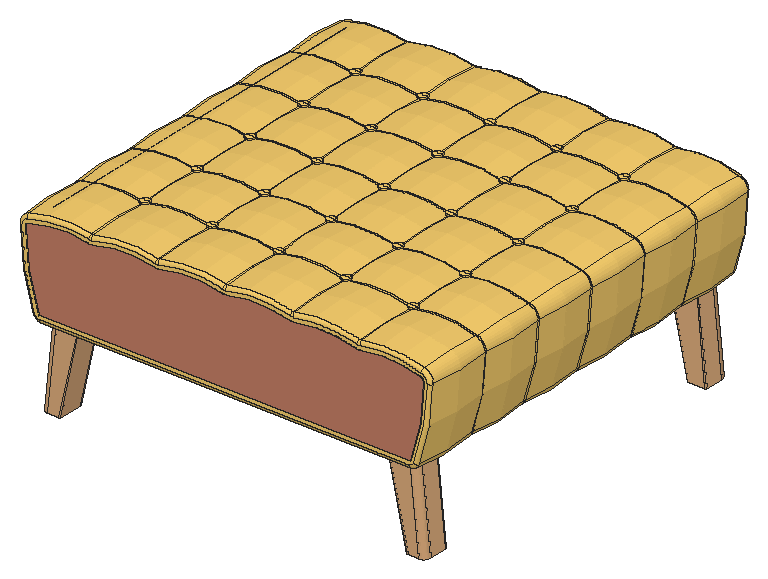
Revit family "Chair-GR8-Multi_Purpose-Allermuir-Grainger", category Furniture, Revit 2012 (continued)
Definition of nested family "GR-8"
  Automatic sketch dimensions
    Revolve 14 sketch curve to plane 4 = 0.13905"
    plane 23 to Revolve 15 sketch curve = 0.01811"
    Revolve 15 sketch curve to Revolve 15 sketch curve = 0"  (x4)
    plane 23 to Revolve 15 sketch curve = 0.02065"
    plane 23 to Revolve 15 sketch curve = 0.03002"
    Revolve 15 sketch curve to Revolve 15 sketch curve = 0.1617"
    Revolve 15 sketch curve to Revolve 15 sketch curve = 0.00604"
    Revolve 15 sketch curve to Revolve 15 sketch curve = 0.03037"
    plane 23 to Revolve 15 sketch curve = 0.30955"
    plane 23 to Revolve 15 sketch curve = 0.35498"
    Revolve 15 sketch curve to Revolve 15 sketch curve = 0.18472"
    Revolve 15 sketch curve to plane 4 = 0.69795"
    Revolve 15 sketch curve to Revolve 15 sketch curve = 0.16024"
    Revolve 15 sketch curve to Revolve 15 sketch curve = 0.16055"
    Revolve 15 sketch curve to plane 4 = 0.13905"
    plane 25 to Revolve 16 sketch curve = 0.01811"
    Revolve 16 sketch curve to Revolve 16 sketch curve = 0"  (x4)
    plane 25 to Revolve 16 sketch curve = 0.02065"
    plane 25 to Revolve 16 sketch curve = 0.03002"
    Revolve 16 sketch curve to Revolve 16 sketch curve = 0.1617"
    Revolve 16 sketch curve to Revolve 16 sketch curve = 0.00604"
    Revolve 16 sketch curve to Revolve 16 sketch curve = 0.03037"
    plane 25 to Revolve 16 sketch curve = 0.30955"
    plane 25 to Revolve 16 sketch curve = 0.35498"
    Revolve 16 sketch curve to Revolve 16 sketch curve = 0.18472"
    Revolve 16 sketch curve to plane 4 = 0.69795"
    Revolve 16 sketch curve to Revolve 16 sketch curve = 0.16024"
    Revolve 16 sketch curve to Revolve 16 sketch curve = 0.16055"
    Revolve 16 sketch curve to plane 4 = 0.13905"
    plane 27 to Revolve 17 sketch curve = 0.01811"
    Revolve 17 sketch curve to Revolve 17 sketch curve = 0"  (x4)
    plane 27 to Revolve 17 sketch curve = 0.02065"
    plane 27 to Revolve 17 sketch curve = 0.03002"
    Revolve 17 sketch curve to Revolve 17 sketch curve = 0.1617"
    Revolve 17 sketch curve to Revolve 17 sketch curve = 0.00604"
    Revolve 17 sketch curve to Revolve 17 sketch curve = 0.03037"
    Revolve 17 sketch curve to plane 3 "Center (Left/Right)" = 0.09377"
    Revolve 17 sketch curve to plane 3 "Center (Left/Right)" = 0.04835"
    plane 3 "Center (Left/Right)" to Revolve 17 sketch curve = 0.00015"
    Revolve 17 sketch curve to plane 4 = 0.69795"
    Revolve 17 sketch curve to Revolve 17 sketch curve = 0.16024"
    Revolve 17 sketch curve to Revolve 17 sketch curve = 0.16055"
    Revolve 17 sketch curve to plane 4 = 0.13905"
    plane 29 to Revolve 18 sketch curve = 0.01811"
    Revolve 18 sketch curve to Revolve 18 sketch curve = 0"  (x4)
    plane 29 to Revolve 18 sketch curve = 0.02065"
    plane 29 to Revolve 18 sketch curve = 0.03002"
    Revolve 18 sketch curve to Revolve 18 sketch curve = 0.1617"
    Revolve 18 sketch curve to Revolve 18 sketch curve = 0.00604"
    Revolve 18 sketch curve to Revolve 18 sketch curve = 0.03037"
    plane 29 to Revolve 18 sketch curve = 0.30955"
    plane 29 to Revolve 18 sketch curve = 0.35498"
    Revolve 18 sketch curve to Revolve 18 sketch curve = 0.18472"
    plane 4 to Revolve 18 sketch curve = 0.80705"
    Revolve 18 sketch curve to plane 4 = 0.12948"
    Revolve 18 sketch curve to Revolve 18 sketch curve = 0.25433"
    Revolve 18 sketch curve to Revolve 18 sketch curve = 0.16055"
    plane 31 to Revolve 19 sketch curve = 0.01811"
    Revolve 19 sketch curve to Revolve 19 sketch curve = 0"  (x4)
    plane 31 to Revolve 19 sketch curve = 0.02065"
    plane 31 to Revolve 19 sketch curve = 0.03002"
    Revolve 19 sketch curve to Revolve 19 sketch curve = 0.1617"
    Revolve 19 sketch curve to Revolve 19 sketch curve = 0.00604"
    Revolve 19 sketch curve to Revolve 19 sketch curve = 0.03037"
    plane 31 to Revolve 19 sketch curve = 0.30955"
    plane 31 to Revolve 19 sketch curve = 0.35498"
    Revolve 19 sketch curve to Revolve 19 sketch curve = 0.18472"
    plane 4 to Revolve 19 sketch curve = 0.80705"
    Revolve 19 sketch curve to plane 4 = 0.12948"
    Revolve 19 sketch curve to Revolve 19 sketch curve = 0.25433"
    Revolve 19 sketch curve to Revolve 19 sketch curve = 0.16055"
    plane 33 to Revolve 20 sketch curve = 0.01811"
    Revolve 20 sketch curve to Revolve 20 sketch curve = 0"  (x4)
    plane 33 to Revolve 20 sketch curve = 0.02065"
    plane 33 to Revolve 20 sketch curve = 0.03002"
    Revolve 20 sketch curve to Revolve 20 sketch curve = 0.1617"
    Revolve 20 sketch curve to Revolve 20 sketch curve = 0.00604"
    Revolve 20 sketch curve to Revolve 20 sketch curve = 0.03037"
    plane 33 to Revolve 20 sketch curve = 0.30955"
    plane 33 to Revolve 20 sketch curve = 0.35498"
    Revolve 20 sketch curve to Revolve 20 sketch curve = 0.18472"
    plane 4 to Revolve 20 sketch curve = 0.80705"
    Revolve 20 sketch curve to plane 4 = 0.12948"
    Revolve 20 sketch curve to Revolve 20 sketch curve = 0.25433"
    Revolve 20 sketch curve to Revolve 20 sketch curve = 0.16055"
    plane 35 to Revolve 21 sketch curve = 0.01811"
    Revolve 21 sketch curve to Revolve 21 sketch curve = 0"  (x4)
    plane 35 to Revolve 21 sketch curve = 0.02065"
    plane 35 to Revolve 21 sketch curve = 0.03002"
    Revolve 21 sketch curve to Revolve 21 sketch curve = 0.1617"
    Revolve 21 sketch curve to Revolve 21 sketch curve = 0.00604"
    Revolve 21 sketch curve to Revolve 21 sketch curve = 0.03037"
    plane 35 to Revolve 21 sketch curve = 0.30955"
    plane 35 to Revolve 21 sketch curve = 0.35498"
    Revolve 21 sketch curve to Revolve 21 sketch curve = 0.18472"
    plane 4 to Revolve 21 sketch curve = 0.80705"
    Revolve 21 sketch curve to plane 4 = 0.12948"
    Revolve 21 sketch curve to Revolve 21 sketch curve = 0.25433"
    Revolve 21 sketch curve to Revolve 21 sketch curve = 0.16055"
    plane 37 to Revolve 22 sketch curve = 0.01811"
    Revolve 22 sketch curve to Revolve 22 sketch curve = 0"  (x4)
    plane 37 to Revolve 22 sketch curve = 0.02065"
    plane 37 to Revolve 22 sketch curve = 0.03002"
    Revolve 22 sketch curve to Revolve 22 sketch curve = 0.1617"
    Revolve 22 sketch curve to Revolve 22 sketch curve = 0.00604"
    Revolve 22 sketch curve to Revolve 22 sketch curve = 0.03037"
    plane 37 to Revolve 22 sketch curve = 0.30955"
    plane 37 to Revolve 22 sketch curve = 0.35498"
    Revolve 22 sketch curve to Revolve 22 sketch curve = 0.18472"
    plane 4 to Revolve 22 sketch curve = 0.80705"
    Revolve 22 sketch curve to plane 4 = 0.12948"
    Revolve 22 sketch curve to Revolve 22 sketch curve = 0.25433"
    Revolve 22 sketch curve to Revolve 22 sketch curve = 0.16055"
    plane 39 to Revolve 23 sketch curve = 0.01811"
    Revolve 23 sketch curve to Revolve 23 sketch curve = 0"  (x4)
    plane 39 to Revolve 23 sketch curve = 0.02065"
    plane 39 to Revolve 23 sketch curve = 0.03002"
    Revolve 23 sketch curve to Revolve 23 sketch curve = 0.1617"
    Revolve 23 sketch curve to Revolve 23 sketch curve = 0.00604"
    Revolve 23 sketch curve to Revolve 23 sketch curve = 0.03037"
    plane 39 to Revolve 23 sketch curve = 0.30955"
    plane 39 to Revolve 23 sketch curve = 0.35498"
    Revolve 23 sketch curve to Revolve 23 sketch curve = 0.18472"
    plane 4 to Revolve 23 sketch curve = 0.98674"
    plane 4 to Revolve 23 sketch curve = 0.0502"
    Revolve 23 sketch curve to Revolve 23 sketch curve = 0.25433"
    Revolve 23 sketch curve to Revolve 23 sketch curve = 0.16055"
    plane 41 to Revolve 24 sketch curve = 0.01811"
    Revolve 24 sketch curve to Revolve 24 sketch curve = 0"  (x4)
    plane 41 to Revolve 24 sketch curve = 0.02065"
    plane 41 to Revolve 24 sketch curve = 0.03002"
    Revolve 24 sketch curve to Revolve 24 sketch curve = 0.1617"
    Revolve 24 sketch curve to Revolve 24 sketch curve = 0.00604"
    Revolve 24 sketch curve to Revolve 24 sketch curve = 0.03037"
    plane 41 to Revolve 24 sketch curve = 0.30955"
    plane 41 to Revolve 24 sketch curve = 0.35498"
    Revolve 24 sketch curve to Revolve 24 sketch curve = 0.18472"
    plane 4 to Revolve 24 sketch curve = 0.98674"
    plane 4 to Revolve 24 sketch curve = 0.0502"
    Revolve 24 sketch curve to Revolve 24 sketch curve = 0.25433"
    Revolve 24 sketch curve to Revolve 24 sketch curve = 0.16055"
    plane 43 to Revolve 25 sketch curve = 0.01811"
    Revolve 25 sketch curve to Revolve 25 sketch curve = 0"  (x4)
    plane 43 to Revolve 25 sketch curve = 0.02065"
    plane 43 to Revolve 25 sketch curve = 0.03002"
    Revolve 25 sketch curve to Revolve 25 sketch curve = 0.1617"
    Revolve 25 sketch curve to Revolve 25 sketch curve = 0.00604"
    Revolve 25 sketch curve to Revolve 25 sketch curve = 0.03037"
    plane 43 to Revolve 25 sketch curve = 0.30955"
    plane 43 to Revolve 25 sketch curve = 0.35498"
    Revolve 25 sketch curve to Revolve 25 sketch curve = 0.18472"
    plane 4 to Revolve 25 sketch curve = 0.98674"
    plane 4 to Revolve 25 sketch curve = 0.0502"
    Revolve 25 sketch curve to Revolve 25 sketch curve = 0.25433"
    Revolve 25 sketch curve to Revolve 25 sketch curve = 0.16055"
    plane 45 to Revolve 26 sketch curve = 0.01811"
    Revolve 26 sketch curve to Revolve 26 sketch curve = 0"  (x4)
    plane 45 to Revolve 26 sketch curve = 0.02065"
    plane 45 to Revolve 26 sketch curve = 0.03002"
    Revolve 26 sketch curve to Revolve 26 sketch curve = 0.1617"
    Revolve 26 sketch curve to Revolve 26 sketch curve = 0.00604"
    Revolve 26 sketch curve to Revolve 26 sketch curve = 0.03037"
    plane 45 to Revolve 26 sketch curve = 0.30955"
    plane 45 to Revolve 26 sketch curve = 0.35498"
    Revolve 26 sketch curve to Revolve 26 sketch curve = 0.18472"
    plane 4 to Revolve 26 sketch curve = 0.98674"
    plane 4 to Revolve 26 sketch curve = 0.0502"
    Revolve 26 sketch curve to Revolve 26 sketch curve = 0.25433"
    Revolve 26 sketch curve to Revolve 26 sketch curve = 0.16055"
    plane 47 to Revolve 27 sketch curve = 0.01811"
    Revolve 27 sketch curve to Revolve 27 sketch curve = 0"  (x4)
    plane 47 to Revolve 27 sketch curve = 0.02065"
    plane 47 to Revolve 27 sketch curve = 0.03002"
    Revolve 27 sketch curve to Revolve 27 sketch curve = 0.1617"
    Revolve 27 sketch curve to Revolve 27 sketch curve = 0.00604"
    Revolve 27 sketch curve to Revolve 27 sketch curve = 0.03037"
    plane 47 to Revolve 27 sketch curve = 0.30955"
    plane 47 to Revolve 27 sketch curve = 0.35498"
    Revolve 27 sketch curve to Revolve 27 sketch curve = 0.18472"
    plane 4 to Revolve 27 sketch curve = 0.98674"
    plane 4 to Revolve 27 sketch curve = 0.0502"
    Revolve 27 sketch curve to Revolve 27 sketch curve = 0.25433"
    Revolve 27 sketch curve to Revolve 27 sketch curve = 0.16055"
    plane 49 to Revolve 28 sketch curve = 0.01811"
    Revolve 28 sketch curve to Revolve 28 sketch curve = 0"  (x4)
    plane 49 to Revolve 28 sketch curve = 0.02065"
    plane 49 to Revolve 28 sketch curve = 0.03002"
    Revolve 28 sketch curve to Revolve 28 sketch curve = 0.1617"
    Revolve 28 sketch curve to Revolve 28 sketch curve = 0.00604"
    Revolve 28 sketch curve to Revolve 28 sketch curve = 0.03037"
    Revolve 28 sketch curve to plane 3 "Center (Left/Right)" = 0.09377"
    Revolve 28 sketch curve to plane 3 "Center (Left/Right)" = 0.04835"
    plane 3 "Center (Left/Right)" to Revolve 28 sketch curve = 0.00015"
    Revolve 28 sketch curve to plane 4 = 0.69795"
    Revolve 28 sketch curve to Revolve 28 sketch curve = 0.16024"
    Revolve 28 sketch curve to Revolve 28 sketch curve = 0.16055"
    Revolve 28 sketch curve to plane 4 = 0.13905"
    plane 51 to Revolve 29 sketch curve = 0.01811"
    Revolve 29 sketch curve to Revolve 29 sketch curve = 0"  (x4)
    plane 51 to Revolve 29 sketch curve = 0.02065"
    plane 51 to Revolve 29 sketch curve = 0.03002"
    Revolve 29 sketch curve to Revolve 29 sketch curve = 0.1617"
    Revolve 29 sketch curve to Revolve 29 sketch curve = 0.00604"
    Revolve 29 sketch curve to Revolve 29 sketch curve = 0.03037"
    Revolve 29 sketch curve to plane 3 "Center (Left/Right)" = 0.09377"
    Revolve 29 sketch curve to plane 3 "Center (Left/Right)" = 0.04835"
    plane 3 "Center (Left/Right)" to Revolve 29 sketch curve = 0.00015"
    Revolve 29 sketch curve to plane 4 = 0.69795"
    Revolve 29 sketch curve to Revolve 29 sketch curve = 0.16024"
    Revolve 29 sketch curve to Revolve 29 sketch curve = 0.16055"
    Revolve 29 sketch curve to plane 4 = 0.13905"
    plane 53 to Revolve 30 sketch curve = 0.01811"
    Revolve 30 sketch curve to Revolve 30 sketch curve = 0"  (x4)
    plane 53 to Revolve 30 sketch curve = 0.02065"
    plane 53 to Revolve 30 sketch curve = 0.03002"
    Revolve 30 sketch curve to Revolve 30 sketch curve = 0.1617"
    Revolve 30 sketch curve to Revolve 30 sketch curve = 0.00604"
    Revolve 30 sketch curve to Revolve 30 sketch curve = 0.03037"
    Revolve 30 sketch curve to plane 3 "Center (Left/Right)" = 0.09377"
    Revolve 30 sketch curve to plane 3 "Center (Left/Right)" = 0.04835"
    plane 3 "Center (Left/Right)" to Revolve 30 sketch curve = 0.00015"
    Revolve 30 sketch curve to plane 4 = 0.69795"
    Revolve 30 sketch curve to Revolve 30 sketch curve = 0.16024"
    Revolve 30 sketch curve to Revolve 30 sketch curve = 0.16055"
    Revolve 30 sketch curve to plane 4 = 0.13905"
    plane 55 to Revolve 31 sketch curve = 0.01811"
    Revolve 31 sketch curve to Revolve 31 sketch curve = 0"  (x4)
    plane 55 to Revolve 31 sketch curve = 0.02065"
    plane 55 to Revolve 31 sketch curve = 0.03002"
    Revolve 31 sketch curve to Revolve 31 sketch curve = 0.1617"
    Revolve 31 sketch curve to Revolve 31 sketch curve = 0.00604"
    Revolve 31 sketch curve to Revolve 31 sketch curve = 0.03037"
    Revolve 31 sketch curve to plane 3 "Center (Left/Right)" = 0.09377"
    Revolve 31 sketch curve to plane 3 "Center (Left/Right)" = 0.04835"
    plane 3 "Center (Left/Right)" to Revolve 31 sketch curve = 0.00015"
    Revolve 31 sketch curve to plane 4 = 0.69795"
    Revolve 31 sketch curve to Revolve 31 sketch curve = 0.16024"
    Revolve 31 sketch curve to Revolve 31 sketch curve = 0.16055"
    Revolve 31 sketch curve to plane 4 = 0.13905"
    Sweep 1 sketch curve to Sweep 1 sketch curve = 5.31287"
    level to Sweep 1 sketch curve = 5.40743"
    Sweep 1 sketch curve to Sweep 1 sketch curve = 0.27112"
    Extrusion 2 sketch curve to Extrusion 2 sketch curve = 5.20441"
    level to Extrusion 2 sketch curve = 5.40743"
    level to Sweep 1 sketch curve = 5.45159"
    Sweep 1 sketch curve to Sweep 1 sketch curve = 2.1335"
    Sweep 1 sketch curve to plane 4 = 1.66226"
    Sweep 1 sketch curve to Sweep 1 sketch curve = 5.21777"
    level to Extrusion 2 sketch curve = 5.45159"
    Extrusion 2 sketch curve to Extrusion 2 sketch curve = 2.1335"
    Extrusion 2 sketch curve to plane 4 = 1.66226"
    plane 58 to Blend 3 sketch curve = 1.4005"
    Blend 3 sketch curve to Blend 3 sketch curve = 0.07833"
    Blend 3 sketch curve to Blend 3 sketch curve = 0.58357"
    Blend 3 sketch curve to Blend 3 sketch curve = 0.97572"
    Blend 3 sketch curve to Blend 3 sketch curve = 1.48352"
    Blend 3 sketch curve to Blend 3 sketch curve = 0.0778"
    Blend 3 sketch curve to plane 5 = 0.97323"  (x2)
    Blend 3 sketch curve to Blend 3 sketch curve = 1.69792"
    plane 58 to Blend 3 sketch curve = 2.15943"
    Blend 3 sketch curve to Blend 3 sketch curve = 0.07824"
    Blend 3 sketch curve to Blend 3 sketch curve = 0.57358"
    Blend 3 sketch curve to Blend 3 sketch curve = 1.96534"
    Blend 3 sketch curve to Blend 3 sketch curve = 0.00185"
    Blend 3 sketch curve to Blend 3 sketch curve = 0.07682"
    Blend 3 sketch curve to Blend 3 sketch curve = 1.70801"
    Blend 4 sketch curve to plane 57 = 1.4005"
    Blend 4 sketch curve to Blend 4 sketch curve = 0.07833"
    Blend 4 sketch curve to Blend 4 sketch curve = 0.58357"
    Blend 4 sketch curve to Blend 4 sketch curve = 0.97572"
    Blend 4 sketch curve to Blend 4 sketch curve = 1.48352"
    Blend 4 sketch curve to Blend 4 sketch curve = 0.0778"
    plane 5 to Blend 4 sketch curve = 0.97323"  (x2)
    Blend 4 sketch curve to Blend 4 sketch curve = 1.69792"
    Blend 4 sketch curve to plane 57 = 2.15943"
    Blend 4 sketch curve to Blend 4 sketch curve = 0.07824"
    Blend 4 sketch curve to Blend 4 sketch curve = 0.57358"
    Blend 4 sketch curve to Blend 4 sketch curve = 1.96534"
    Blend 4 sketch curve to Blend 4 sketch curve = 0.00185"
    Blend 4 sketch curve to Blend 4 sketch curve = 0.07682"
    Blend 4 sketch curve to Blend 4 sketch curve = 1.70801"
    Blend 5 sketch curve to plane 58 = 1.4005"
    Blend 5 sketch curve to Blend 5 sketch curve = 0.07833"
    Blend 5 sketch curve to Blend 5 sketch curve = 0.58357"
    Blend 5 sketch curve to Blend 5 sketch curve = 0.97572"
    Blend 5 sketch curve to Blend 5 sketch curve = 1.48352"
    Blend 5 sketch curve to Blend 5 sketch curve = 0.0778"
    plane 6 to Blend 5 sketch curve = 0.97323"  (x2)
    Blend 5 sketch curve to Blend 5 sketch curve = 1.69792"
    Blend 5 sketch curve to plane 58 = 2.15943"
    Blend 5 sketch curve to Blend 5 sketch curve = 0.07824"
    Blend 5 sketch curve to Blend 5 sketch curve = 0.57358"
    Blend 5 sketch curve to Blend 5 sketch curve = 1.96534"
    Blend 5 sketch curve to Blend 5 sketch curve = 0.00185"
    Blend 5 sketch curve to Blend 5 sketch curve = 0.07682"
    Blend 5 sketch curve to Blend 5 sketch curve = 1.70801"
    plane 57 to Blend 6 sketch curve = 1.4005"
    Blend 6 sketch curve to Blend 6 sketch curve = 0.07833"
    Blend 6 sketch curve to Blend 6 sketch curve = 0.58357"
    Blend 6 sketch curve to Blend 6 sketch curve = 0.97572"
    Blend 6 sketch curve to Blend 6 sketch curve = 1.48352"
    Blend 6 sketch curve to Blend 6 sketch curve = 0.0778"
    Blend 6 sketch curve to plane 6 = 0.97323"  (x2)
    Blend 6 sketch curve to Blend 6 sketch curve = 1.69792"
    plane 57 to Blend 6 sketch curve = 2.15943"
    Blend 6 sketch curve to Blend 6 sketch curve = 0.07824"
    Blend 6 sketch curve to Blend 6 sketch curve = 0.57358"
    Blend 6 sketch curve to Blend 6 sketch curve = 1.96534"
    Blend 6 sketch curve to Blend 6 sketch curve = 0.00185"
    Blend 6 sketch curve to Blend 6 sketch curve = 0.07682"
    Blend 6 sketch curve to Blend 6 sketch curve = 1.70801"
    plane 1 "Center (Front/Back)" to curve 50 = 0"
    curve 41 to plane 5 = 0"
    plane 6 to curve 42 = 0"
    plane 1 "Center (Front/Back)" to curve 23 = 0"
    plane 1 "Center (Front/Back)" to curve 61 = 0"
    curve 67 to plane 3 "Center (Left/Right)" = 0"
    curve 69 to plane 3 "Center (Left/Right)" = 0"
    curve 68 to plane 3 "Center (Left/Right)" = 0"
    curve 65 to plane 3 "Center (Left/Right)" = 0"
    curve 64 to plane 3 "Center (Left/Right)" = 0"
    curve 3 to plane 3 "Center (Left/Right)" = 0"
    curve 4 to plane 3 "Center (Left/Right)" = 0"
    curve 66 to plane 3 "Center (Left/Right)" = 0"
    curve 21 to plane 3 "Center (Left/Right)" = 0"
    curve 13 to plane 3 "Center (Left/Right)" = 0"
    curve 14 to plane 3 "Center (Left/Right)" = 0"
    plane 1 "Center (Front/Back)" to curve 25 = 0"
    plane 1 "Center (Front/Back)" to curve 99 = 0"
    curve 73 to plane 3 "Center (Left/Right)" = 0.3961"
    plane 1 "Center (Front/Back)" to curve 72 = 1/128"
    curve 72 to plane 3 "Center (Left/Right)" = 0.40556"
    curve 71 to curve 14 = 0.40564"
    curve 74 to curve 3 = 0.40564"
    curve 70 to curve 13 = 0.40564"
    curve 43 to plane 3 "Center (Left/Right)" = 1.06794"
    curve 47 to plane 3 "Center (Left/Right)" = 1.92734"
    curve 44 to plane 3 "Center (Left/Right)" = 1.95393"
    curve 48 to plane 3 "Center (Left/Right)" = 3.74776"
    curve 71 to curve 47 = 3.63577"
    curve 72 to curve 72 = 5.15755"
    curve 73 to curve 44 = 3.60918"
    curve 70 to curve 48 = 1.81543"
    curve 74 to curve 44 = 3.60927"
    curve 57 to curve 71 = 0.40564"
    curve 56 to curve 72 = 0.40564"
    plane 1 "Center (Front/Back)" to curve 22 = 1/128"
    curve 22 to curve 56 = 0"
    curve 55 to curve 22 = 0"
    curve 5 to curve 55 = 0"
    curve 15 to curve 56 = 0"
    curve 53 to curve 74 = 0.40564"
    curve 54 to curve 5 = 0.00008"
    curve 12 to curve 57 = 0.00008"
    curve 2 to curve 53 = 0"
    curve 58 to curve 12 = 0"
    curve 62 to curve 15 = 0.40556"
    curve 60 to curve 5 = 0.40556"
    curve 46 to curve 56 = 0.64618"
    curve 45 to curve 55 = 0.91736"
    curve 62 to curve 62 = 5.18099"
    curve 61 to curve 61 = 5.18099"
    curve 60 to curve 60 = 5.18099"
    curve 59 to curve 59 = 5.18091"
    curve 63 to curve 63 = 5.18091"
    curve 28 to curve 62 = 0.40564"
    curve 6 to curve 60 = 0.40564"
    curve 29 to curve 61 = 0.40564"
    curve 23 to curve 28 = 0"
    curve 30 to curve 6 = 0"
    curve 16 to curve 28 = 0"
    curve 26 to curve 63 = 0.40564"
    curve 31 to curve 53 = 5 127/128"
    curve 1 to curve 30 = 0.00008"
    curve 11 to curve 26 = 0"
    curve 27 to curve 11 = 0"
    plane 57 to curve 42 = 0.42419"
    plane 57 to curve 39 = 0.42208"
    plane 57 to curve 42 = 0.11469"
    curve 38 to curve 42 = 0"
    plane 57 to curve 41 = 0.11334"
    curve 33 to curve 41 = 0"
    plane 57 to curve 34 = 0.10177"
    curve 52 to curve 34 = 0"
    plane 57 to curve 38 = 0.06777"
    curve 32 to curve 38 = 0.00471"
    plane 57 to curve 36 = 0.05624"  (x2)
    plane 57 to curve 34 = 0.05624"
    curve 49 to curve 36 = 0.00052"
    curve 51 to curve 35 = 0.00227"
    plane 1 "Center (Front/Back)" to curve 77 = 1/64"
    plane 3 "Center (Left/Right)" to curve 77 = 0.40564"
    plane 3 "Center (Left/Right)" to curve 78 = 0.40564"
    plane 3 "Center (Left/Right)" to curve 33 = 1.06794"
    plane 3 "Center (Left/Right)" to curve 37 = 1.92734"
    plane 3 "Center (Left/Right)" to curve 34 = 1.95393"
    plane 3 "Center (Left/Right)" to curve 38 = 3.74776"
    curve 77 to curve 77 = 5.15755"
    curve 37 to curve 76 = 3.63584"
    curve 34 to curve 78 = 3.60926"
    curve 34 to curve 79 = 3.60927"
    curve 38 to curve 75 = 1.81543"
    plane 1 "Center (Front/Back)" to curve 24 = 1/128"
    curve 77 to curve 24 = 0.40556"
    curve 76 to curve 19 = 0.40556"
    curve 78 to curve 9 = 0.40556"
    curve 87 to curve 19 = 0"
    curve 88 to curve 24 = 0"
    curve 79 to curve 89 = 0.40556"
    curve 38 to curve 85 = 2.22107"
    curve 19 to curve 86 = 0.00008"
    curve 75 to curve 18 = 0.40564"
    curve 33 to curve 90 = 4.90089"
    curve 79 to curve 8 = 0.40564"
    curve 19 to curve 83 = 0.40564"
    curve 9 to curve 81 = 0.40564"
    curve 87 to curve 36 = 0.64618"
    curve 88 to curve 35 = 0.91736"
    curve 83 to curve 83 = 5.18099"
    plane 1 "Center (Front/Back)" to curve 82 = 1/128"
    curve 82 to curve 82 = 5.18099"
    curve 84 to curve 84 = 5.18091"
    curve 80 to curve 80 = 5.18091"
    curve 82 to curve 93 = 0.40556"
    curve 83 to curve 20 = 0.40556"
    curve 81 to curve 10 = 0.40556"
    curve 82 to curve 94 = 0.40556"
    curve 95 to curve 10 = 0"
    curve 25 to curve 93 = 0"
    curve 80 to curve 7 = 0.40564"
    curve 96 to curve 7 = 0"
    curve 84 to curve 91 = 0.40564"
    curve 20 to curve 92 = 0.00008"
    curve 84 to curve 17 = 0.40564"
    curve 20 to curve 100 = 0.40564"
    curve 10 to curve 98 = 0.40564"
    plane 58 to curve 40 = 0.42419"
    plane 58 to curve 39 = 0.42233"
    plane 58 to curve 48 = 0.11469"
    curve 103 to curve 48 = 0"
    plane 58 to curve 43 = 29/256"
    curve 102 to curve 43 = 0"
    plane 58 to curve 44 = 0.10177"
    curve 43 to curve 97 = 0"
    plane 58 to curve 47 = 0.06777"
    curve 48 to curve 101 = 0.00283"
    plane 58 to curve 46 = 0.05624"
    plane 58 to curve 45 = 0.05624"
    plane 58 to curve 47 = 0.05624"
    curve 46 to curve 100 = 0.00052"
    curve 45 to curve 98 = 0.00227"
    curve 103 to curve 48 = 0.26928"
    curve 42 to curve 42 = 0.26928"
    curve 48 to curve 69 = 2.30507"
    curve 38 to curve 85 = 2.30507"
    curve 91 to curve 101 = 0.40564"
    curve 48 to curve 58 = 2.30507"
    curve 26 to plane 6 = 5.6651"
    curve 63 to curve 12 = 0"
    curve 84 to curve 17 = 0"
    curve 12 to curve 70 = 0"
    curve 75 to curve 18 = 0"
    curve 32 to curve 11 = 0"
    curve 68 to curve 47 = 2.56603"
    curve 68 to curve 37 = 2.56603"
    curve 57 to curve 46 = 3.3604"
    curve 86 to curve 36 = 3.3604"
    curve 27 to curve 49 = 0.40564"
    curve 92 to curve 100 = 0.40564"
    curve 68 to curve 76 = 0.40564"
    curve 15 to curve 71 = 0"
    curve 71 to curve 14 = 0"
    curve 55 to curve 45 = 2.59597"
    curve 88 to curve 35 = 2.59597"
    curve 66 to curve 66 = 5.17268"
    curve 29 to curve 51 = 0.40564"
    curve 94 to curve 98 = 0.40564"
    curve 45 to curve 55 = 2.57671"
    curve 88 to curve 81 = 0.40564"
    curve 5 to curve 73 = 0"
    curve 65 to curve 34 = 2.34191"
    curve 65 to curve 44 = 2.34191"
    curve 34 to curve 89 = 2.64369"
    curve 44 to curve 54 = 2.64369"
    curve 95 to curve 95 = 4.9856"
    curve 44 to curve 65 = 2.64369"
    curve 30 to curve 52 = 0.40564"
    curve 7 to curve 97 = 0"
    curve 80 to curve 7 = 0"
    curve 79 to curve 8 = 0"
    curve 1 to curve 59 = 0"
    curve 2 to curve 74 = 0"
